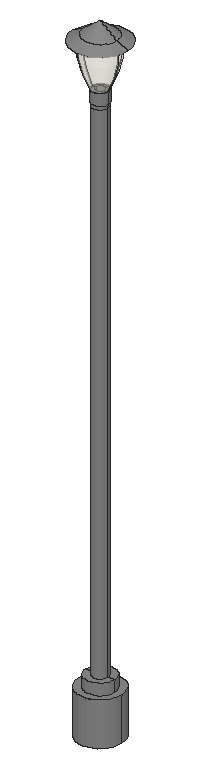
Revit family
Parameters (values of type "250W Halogen - 120V")
  Wattage = 250 W
  built-in parameter 1150110 = 1 (stored number, unit not read)
  built-in parameter 1114217 = 1 (stored number, unit not read)
  built-in parameter 1150109 = 1 (stored number, unit not read)
  built-in parameter 1150134 = 3
  built-in parameter 1150113 = 1 (stored number, unit not read)
  built-in parameter 1150115 = 1 (stored number, unit not read)
  built-in parameter 1150105 = 397.89 (stored number, unit not read)
  Light Source Symbol Size = 609.6 mm
  built-in parameter 1150137 = 1
  built-in parameter 1150139 = (empty or 0)
  built-in parameter 1150112 = 1 (stored number, unit not read)
  built-in parameter 1150114 = 1 (stored number, unit not read)
  built-in parameter 1150132 = (empty or 0)
  built-in parameter 1150102 = (empty or 0)
  built-in parameter 1150138 = (empty or 0)
  built-in parameter 1150107 = 3200 (stored number, unit not read)
  built-in parameter 1150106 = 3.9789 (stored number, unit not read)
  built-in parameter 1150104 = 1.8581 (stored number, unit not read)
  Dimming Lamp Color Temperature Shift = (empty or 0)
  Color Filter = 16777215
  Ballast Voltage = 120 V
  Ballast Number of Poles = 1
  built-in parameter 1114218 = 1 (stored number, unit not read)
  built-in parameter 1150133 = 10 (stored number, unit not read)
  Assembly Code = "D5020280"
  Height = 4500 mm
  Lamp = "T-4"
  Lumens = 5000 lm
  Shade Material = Glass - Frosted
  Stand Material = Metal - Paint Finish - Dark Gray, Matte
  Wattage Comments = "250"
  Apparent Load = 250 VA
Types (10, lengths in mm): name | Wattage | built-in parameter 1150134 | built-in parameter 1150105 | built-in parameter 1150107 | built-in parameter 1150106 | built-in parameter 1150104 | Ballast Voltage | Lamp | Lumens | Wattage Comments | Apparent Load
  (no name) | 250 W | 3 | 397.89 (stored number, unit not read) | 3200 (stored number, unit not read) | 3.9789 (stored number, unit not read) | 1.8581 (stored number, unit not read) | 120 V | "T-4" | 5000 lm | "250" | 250 VA
  400W Halogen - 120V | 400 W | 3 | 795.77 (stored number, unit not read) | 3200 (stored number, unit not read) | 7.9577 (stored number, unit not read) | 2.3226 (stored number, unit not read) | 120 V | "T-3" | 10000 lm | "400" | 400 VA
  250W Sodium - 120V | 250 W | 13 | 2307.7 (stored number, unit not read) | 2100 (stored number, unit not read) | 23.077 (stored number, unit not read) | 10.777 (stored number, unit not read) | 120 V | "ET-18" | 29000 lm | "250" | 250 VA
  250W Halogen - 120V | 250 W | 3 | 397.89 (stored number, unit not read) | 3200 (stored number, unit not read) | 3.9789 (stored number, unit not read) | 1.8581 (stored number, unit not read) | 120 V | "T-4" | 5000 lm | "250" | 250 VA
  250W Halogen - 277V | 250 W | 3 | 397.89 (stored number, unit not read) | 3200 (stored number, unit not read) | 3.9789 (stored number, unit not read) | 1.8581 (stored number, unit not read) | 277 V | "T-4" | 5000 lm | "250" | 250 VA
  250W Halogen - 480V | 250 W | 3 | 397.89 (stored number, unit not read) | 3200 (stored number, unit not read) | 3.9789 (stored number, unit not read) | 1.8581 (stored number, unit not read) | 480 V | "T-4" | 5000 lm | "250" | 250 VA
  250W Sodium - 277V | 250 W | 13 | 2307.7 (stored number, unit not read) | 2100 (stored number, unit not read) | 23.077 (stored number, unit not read) | 10.777 (stored number, unit not read) | 277 V | "ET-18" | 29000 lm | "250" | 250 VA
  250W Sodium - 480V | 250 W | 13 | 2307.7 (stored number, unit not read) | 2100 (stored number, unit not read) | 23.077 (stored number, unit not read) | 10.777 (stored number, unit not read) | 277 V | "ET-18" | 29000 lm | "250" | 250 VA
  400W Halogen - 277V | 400 W | 3 | 795.77 (stored number, unit not read) | 3200 (stored number, unit not read) | 7.9577 (stored number, unit not read) | 2.3226 (stored number, unit not read) | 277 V | "T-3" | 10000 lm | "400" | 400 VA
  400W Halogen - 480V | 400 W | 3 | 795.77 (stored number, unit not read) | 3200 (stored number, unit not read) | 7.9577 (stored number, unit not read) | 2.3226 (stored number, unit not read) | 480 V | "T-3" | 10000 lm | "400" | 400 VA
Reference planes
  plane 1 "Light Source Axis": y = 0
  plane 2: z = 0
  plane 3 "Light Source Axis": x = 0
  plane 4: z = 4500
  plane 5: z = 4373
  plane 6: z = 4411.1
  plane 7: z = 4068.2
  plane 8: z = 3992
  plane 9: z = 3966.6
  plane 10: x = -114.3
  plane 11: x = -190.5
  plane 12: x = -165.1
  plane 13: x = -76.2
  plane 14: x = 101.6
  plane 15: x = 76.2
  plane 16 "Light Source Elevation": z = 4292.6
  plane 17: z = 304.8
Forms (mm)
  Extrusion 1, solid, material "Metal - Paint Finish - Dark Gray, Matte" <- "Stand Material"
    sketch origin (0, 0, 0) x (1, 0, 0) y (0, 1, 0)
      loop
        circle (0, 0) r 152.4
    from 0 to 304.8
  Revolve 2, solid, material "Metal - Paint Finish - Dark Gray, Matte" <- "Stand Material"
    sketch origin (0, 0, 0) x (1, 0, 0) y (0, 0, 1)
      loop
        line (0, 4500) -> (-114.3, 4411.1) -> (-190.5, 4373) -> (-114.3, 4373) -> (-114.3, 4381.731) -> (-144.639, 4381.731) -> (-107.454, 4400.324) -> (0, 4485.172) -> (0, 4500)
      loop
        line (-57.398, 4068.2) -> (-57.398, 3992) -> (-53.975, 3992) -> (-53.975, 3966.6) -> (-12.7, 3966.6) -> (-12.7, 3992) -> (-31.998, 3992) -> (-31.998, 4068.2) -> (-57.398, 4068.2)
      axis (0, 4500) -> (0, 3966.6)
    angle from 0 to 360
  Sweep 3, solid, material "Metal - Paint Finish - Dark Gray, Matte" <- "Stand Material"
    path origin (0, 0, 304.8) x (1, 0, 0) y (0, 1, 0)
      loop
        circle (0, 0) r 12.7
    profile origin (0, 0, 304.8) x (0, -1, 0) y (0, 0, 1)
      loop
        line (-25.4, 0) -> (-25.4, 3661.8) -> (-50.8, 3661.8) -> (-50.8, 76.2) -> (-101.6, 76.2) -> (-101.6, 0) -> (-25.4, 0)
  Revolve 4, solid, material "Glass - Frosted" <- "Shade Material"
    sketch origin (0, 0, 0) x (1, 0, 0) y (0, 0, 1)
      loop
        line (-57.398, 4068.2) -> (-51.043, 4068.2)
        arc (-51.043, 4068.2) -> (-108.966, 4215.957) -> (-131.878, 4373) r 695.382
        line (-131.878, 4373) -> (-139.069, 4373)
        arc (-139.069, 4373) -> (-115.751, 4215.906) -> (-57.398, 4068.2) r 695.382
      axis (0, 4373) -> (0, 4068.2)
    angle from 0 to 360
Lines and regions (mm)
  Masking region 1
    outline origin (0, 0, 0) x (1, 0, 0) y (0, 1, 0)
      loop
        circle (0, 0) r 152.4
  symbolic lines, style "Exterior"
    curve 1: arc (152.4, 0, 0) -> (0, 152.4, 0) -> (-152.4, 0, 0) r 152.4
    curve 2: arc (-152.4, 0, 0) -> (0, -152.4, 0) -> (152.4, 0, 0) r 152.4
    curve 3: arc (12.7, 0, 0) -> (0, 12.7, 0) -> (-12.7, 0, 0) r 12.7
    curve 4: arc (-12.7, 0, 0) -> (0, -12.7, 0) -> (12.7, 0, 0) r 12.7
Dimensions and locks
  "Height": plane 4 to plane 2
  locked: plane 8 to plane 9 at 25.4
  locked: plane 7 to plane 8 at 76.2
  locked: plane 5 to plane 7 at 304.8
  locked: plane 6 to plane 5 at 38.1
  locked: plane 4 to plane 6 at 88.9
  locked: plane 4 to plane 16 "Light Source Elevation" at 207.4
  aligned and locked: plane 10 to Revolve 2 sketch curve
  aligned and locked: plane 11 to Revolve 2 sketch curve
  aligned and locked: plane 5 to Revolve 2 sketch curve
  aligned and locked: Sweep 3 sketch curve to plane 9
  aligned and locked: Sweep 3 sketch curve to plane 17
  aligned and locked: Masking region 1 sketch curve to curve 1
  aligned and locked: imposter light to plane 3 "Light Source Axis"
  aligned and locked: plane 1 "Light Source Axis" to imposter light
  aligned and locked: plane 16 "Light Source Elevation" to imposter light
Automatic sketch dimensions
  Extrusion 1 sketch curve to plane 1 "Light Source Axis" = 0 mm
  Extrusion 1 sketch curve to plane 3 "Light Source Axis" = 0 mm
  Extrusion 1 sketch curve to plane 3 "Light Source Axis" = 152.4 mm
  Sweep 3 sketch curve to plane 1 "Light Source Axis" = 0 mm
  Sweep 3 sketch curve to plane 3 "Light Source Axis" = 0 mm
  Sweep 3 sketch curve to plane 3 "Light Source Axis" = 12.7 mm
  Revolve 2 sketch curve to plane 10 = 0 mm
  Revolve 2 sketch curve to plane 7 = 0 mm
  Revolve 2 sketch curve to plane 8 = 0 mm  (x2)
  Revolve 2 sketch curve to plane 9 = 0 mm
  Revolve 2 sketch curve to plane 3 "Light Source Axis" = 0 mm
  Revolve 2 sketch curve to plane 5 = 8.731 mm
  Revolve 2 sketch curve to plane 12 = 20.461 mm
  Revolve 2 sketch curve to plane 10 = 6.846 mm
  Revolve 2 sketch curve to plane 3 "Light Source Axis" = 57.398 mm
  Revolve 2 sketch curve to Revolve 2 sketch curve = 3.423 mm
  Revolve 2 sketch curve to Revolve 2 sketch curve = 25.4 mm
  Revolve 2 sketch curve to plane 3 "Light Source Axis" = 12.7 mm
  Revolve 2 sketch curve to plane 6 = 0 mm
  Revolve 2 sketch curve to plane 4 = 0 mm  (x2)
  plane 9 to Revolve 2 sketch curve = 76.2 mm
  plane 6 to Revolve 2 sketch curve = 10.776 mm
  Revolve 2 sketch curve to Revolve 2 sketch curve = 14.828 mm
  Revolve 2 sketch curve to Revolve 2 sketch curve = 254 mm
  Revolve 4 sketch curve to plane 5 = 0 mm
  Revolve 4 sketch curve to plane 7 = 0 mm
  Revolve 4 sketch curve to plane 3 "Light Source Axis" = 0 mm
  Revolve 4 sketch curve to plane 3 "Light Source Axis" = 51.043 mm
  Revolve 4 sketch curve to Revolve 4 sketch curve = 6.355 mm
  Revolve 4 sketch curve to plane 3 "Light Source Axis" = 131.878 mm
  Revolve 4 sketch curve to Revolve 4 sketch curve = 7.191 mm
  Revolve 4 sketch curve to plane 5 = 22.884 mm
  Revolve 4 sketch curve to Revolve 4 sketch curve = 7.244 mm
  Revolve 4 sketch curve to plane 8 = 25.4 mm
  Revolve 4 sketch curve to plane 4 = 177.8 mm
  curve 1 to plane 1 "Light Source Axis" = 0 mm
  curve 4 to plane 1 "Light Source Axis" = 0 mm
  curve 2 to plane 3 "Light Source Axis" = 0 mm
  curve 3 to plane 3 "Light Source Axis" = 0 mm
  curve 3 to plane 3 "Light Source Axis" = 12.7 mm
  curve 2 to plane 12 = 12.7 mm
  profile plane to Sweep 3 sketch curve = 88.9 mm
  profile plane to Sweep 3 sketch curve = 38.1 mm
  profile plane to Sweep 3 sketch curve = 12.7 mm
  Sweep 3 sketch curve to Sweep 3 sketch curve = 76.2 mm
Connectors
  electrical at (0, 0, 3966.6), driven by "Apparent Load", driven by "Ballast Voltage", driven by "Ballast Number of Poles"
    settings: on Revolve 2, index 1
